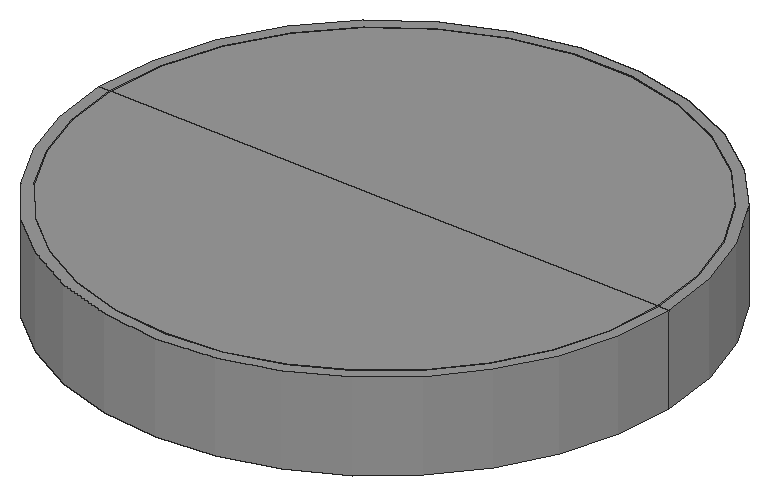
Revit family "4061106", category Lighting Fixtures, host Face, Revit 2016
Family settings
  Host = Face
  Part Type = Normal
  Round Connector Dimension = Use Diameter
  OmniClass Number = 23.80.70.00
  OmniClass Title = Lighting
  Cut with Voids When Loaded = No
  Light Source = Yes
  Shared = No
  Room Calculation Point = No
Parameters (values of type "4061106 COLOSSAL 3400LM 830 DALI EM3 WHT")
  Weight = "kg"
  Wattage Comments = ""
  Wattage = 30 W
  WarrantyStartDate [instance] = "n/a"
  WarrantyGuarantorParts = "n/a"
  WarrantyDurationUnit = "n/a"
  WarrantyDurationParts = "n/a"
  WarrantyDescription = "n/a"
  built-in parameter 1150110 = 1 (stored number, unit not read)
  Voltage = 230 V
  URL = "http://www.sylvania-lighting.com"
  TypeName = "Colossal 3400lm 830 DALI EM3 WHT"
  Type Image = <None>
  Type Comments = "n/a"
  built-in parameter 1114217 = 1 (stored number, unit not read)
  Tilt Angle = -90.00°
  built-in parameter 1150109 = 1 (stored number, unit not read)
  built-in parameter 1150134 = (empty or 0)
  built-in parameter 1150113 = 1 (stored number, unit not read)
  SerialNumber [instance] = "n/a"
  Photometric Web File = "4061106.ies"
  Material_3_SYL = LED-Sylvania
  PowerFactor = 0
  PowerConsumption = "30 W"
  NominalLength = 400 mm
  NominalHeight = 87 mm
  NominalDepth = 400 mm
  Name = "Colossal 3400lm 830 DALI EM3 WHT"
  ModelReference = Name  # "Colossal 3400lm 830 DALI EM3 WHT"
  ModelNumber = "4061106"
  Model = Name  # "Colossal 3400lm 830 DALI EM3 WHT"
  Material = "n/a"
  ManufacturerName = "Feilo Sylvania"
  Manufacturer = "Feilo Sylvania"
  LuminousEfficacy = "n/a"
  built-in parameter 1150105 = 270.44 (stored number, unit not read)
  Lumens = 3398.4 lm
  LuminaireType = ""
  built-in parameter 1150115 = 1 (stored number, unit not read)
  LightOutputRatio = "n/a"
  built-in parameter 1150137 = (empty or 0)
  built-in parameter 1150139 = (empty or 0)
  LampsType = Lamp  # "LED"
  LampNominalLuminous = "3398 lm"
  LampMacAdamStep = "n/a"
  LampColourTemperature = "3000 K"
  LampColourRenderingIndex = "n/a"
  built-in parameter 1150112 = 1 (stored number, unit not read)
  built-in parameter 1150114 = 1 (stored number, unit not read)
  Lamp = "LED"
  Keynote = "16500"
  InstallationDate [instance] = "n/a"
  InputVoltage = "230-240 V~"
  InputNominalFrequency = "50/60 Hz"
  built-in parameter 1150132 = (empty or 0)
  built-in parameter 1150102 = (empty or 0)
  built-in parameter 1150107 = 3000 (stored number, unit not read)
  built-in parameter 1150138 = (empty or 0)
  IngressProtection = "IP40"
  ImpactProtectionIndex = "IK02"
  built-in parameter 1150106 = 2.7044 (stored number, unit not read)
  IfcExportType = "IfcLightFixtureType"
  IfcExportAs = "IfcLightFixtureType"
  Emit from Circle Diameter = 385 mm
  Emit Shape Visible in Rendering = no
  ElectricShockClassification = "Class I"
  built-in parameter 1150104 = 10.524 (stored number, unit not read)
  DocumentationLiterature = "http://www.sylvania-lighting.com/product/en-int/products/4061106"
  DimmingControlOptions = "Dimmable"
  Material_2_SYL = Polycarbonate_Sylvania_White
  Dimming Lamp Color Temperature Shift = <None>
  Description = "Large 400 mm diameter circular architectural luminaire, can be surface mounted or suspended, aluminium housing with polycarbonate opal diffuser, 3400 lm, 30W, 113 lm/W, 3000K, CRI 80, 50,000 hours, IP40, IK03, Class 1, 220-240V, Energy class A++, DALI, Emergency 3 hours"
  Default Elevation = 1219.2 mm
  CreatedOn = "3/7/2019"
  CreatedBy = "@sylvania-lighting.com"
  Cost = 0
  Color Filter = 16777215
  built-in parameter 1114216 [instance] = (empty or 0)
  ClassificationValue = "EF_70_80"
  ClassificationName = "Uniclass2015"
  Material_1_SYL = Polycarbonate_Sylvania_Opal
  BarCode [instance] = "n/a"
  built-in parameter 1114218 = 1 (stored number, unit not read)
  built-in parameter 1150133 = 10 (stored number, unit not read)
  AssetType = "Fixed"
  AssetIdentifier [instance] = "n/a"
  Assembly Code = "D5020200"
  Apparent Load = 30 VA
  Material_4_SYL = none
Reference planes
  plane 1 "Center (Front/Back)": y = 0
  plane 2: z = 0
  plane 3 "Center (Left/Right)": x = 0
  plane 4: x = -200
  plane 5: x = -120
  plane 6: z = 87
  plane 7: z = 25
  plane 8: x = -192.5
  plane 9: z = 40
Forms (mm)
  Revolve 1, solid, material "Polycarbonate_Sylvania_White" <- "Material_2_SYL"
    sketch origin (0, 0, 0) x (1, 0, 0) y (0, 0, 1)
      loop
        line (0, 0) -> (0, 40) -> (-192.5, 40) -> (-192.5, 87) -> (-200, 87) -> (-200, 25) -> (-120, 25) -> (-120, 0) -> (0, 0)
      axis (0, 87) -> (0, 0)
    angle from 360 to 0
  Revolve 2, solid, material "Polycarbonate_Sylvania_Opal" <- "Material_1_SYL"
    sketch origin (0, 0, 0) x (1, 0, 0) y (0, 0, 1)
      loop
        line (0, 87) -> (-192.5, 87) -> (-192.5, 40) -> (0, 40) -> (0, 87)
      axis (0, 87) -> (0, 40)
    angle from 360 to 0
Dimensions and locks
  plane 6 to plane 7 to level = 62 mm locked, 25 mm locked
  plane 3 "Center (Left/Right)" to plane 5 to plane 8 to plane 4 = 120 mm locked, 72.5 mm locked, 7.5 mm locked
  locked: plane 9 to plane 7 at 15
  aligned and locked: plane 2 to host face
  aligned and locked: level to host face
  aligned and locked: Revolve 1 sketch curve to plane 3 "Center (Left/Right)"  (x2)
  aligned and locked: plane 3 "Center (Left/Right)" to Revolve 1 sketch curve
  aligned and locked: level to Revolve 1 sketch curve
  aligned and locked: plane 5 to Revolve 1 sketch curve
  aligned and locked: Revolve 1 sketch curve to plane 7
  aligned and locked: plane 6 to Revolve 1 sketch curve  (x2)
  aligned and locked: plane 8 to Revolve 1 sketch curve
  aligned and locked: Revolve 1 sketch curve to plane 8
  aligned and locked: plane 9 to Revolve 1 sketch curve
  aligned and locked: Revolve 2 sketch curve to plane 3 "Center (Left/Right)"
  aligned and locked: Revolve 2 sketch curve to Revolve 1  (x3)
  aligned and locked: plane 3 "Center (Left/Right)" to Revolve 2 sketch curve
  aligned and locked: plane 3 "Center (Left/Right)" to imposter light
  aligned and locked: imposter light to plane 6
  aligned and locked: imposter light to plane 1 "Center (Front/Back)"
Connectors
  electrical at (0, 0, 0), driven by "Apparent Load", driven by "PowerFactor", driven by "Voltage"
    settings: index 1, voltage 230 V, apparent load 30 VA, apparent load phase1 0 VA, apparent load phase2 0 VA, apparent load phase3 0 VA, power factor 0, load classification "Lighting", number of poles 1, system type 30, power factor state 1, is connector primary yes, connector utility no, sub classification motor no, connector description ""
